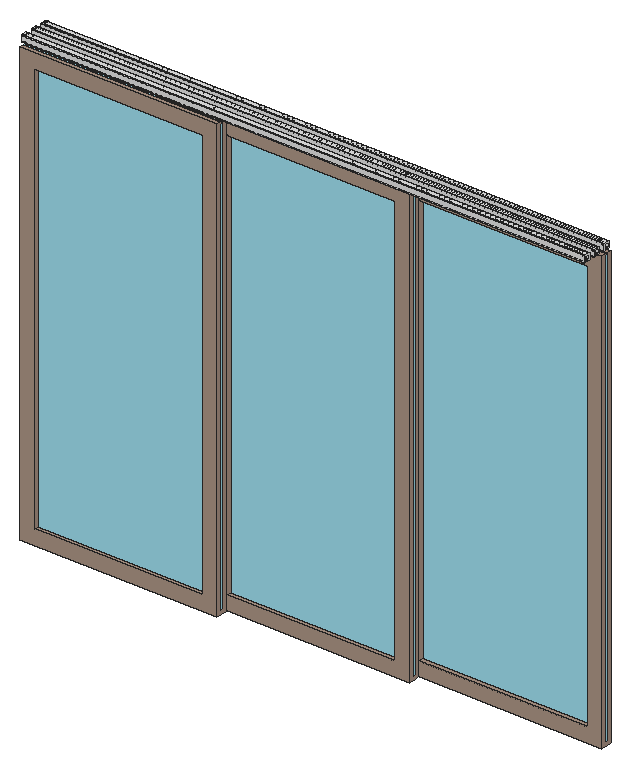
Revit family "Slido 3 Panel Slide SW3 XRDLP", category Doors, host Wall, Revit 2016
Family settings
  Host = Wall
  Always vertical = Yes
  Cut with Voids When Loaded = No
  Shared = No
  Room Calculation Point = No
Parameters (values of type "39"x 94 3/8"")
  URL = "www.raydoor.com"
  Type Image = SW3.JPG
  Thickness = 2 1/4"  # constant formula
  Rough Width = 1"  # constant formula
  Rough Height = 0"  # constant formula
  Model = "SW3"
  Function = Interior
  Door Material = Door - Panel
  Panel Material = Glass, Cast, Gray
  Height = 94 3/8"
  Trim Projection Ext = 63/64"  # constant formula
  Typ = 3"  # constant formula
  Wall Closure = By host
  Width = 117"
  Assembly Code = "SW3 XRDLP"
Reference planes (in)
  plane 1: y = 0
  plane 2: z = 0
  plane 3: x = 0
  plane 4: x = -58.5
  plane 5: x = 58.5
  plane 6: z = 94.375
  plane 7: x = 19
  plane 8: x = 57
  plane 9: z = 92.375
  plane 10: x = -19
  plane 11: x = -20.5
  plane 12: x = -19
  plane 13: x = -17.5
  plane 14: x = -57
  plane 15: x = -55.5
  plane 16: x = 17.5
  plane 17: x = 19
  plane 18: x = 20.5
  plane 19: x = 55.5
  plane 20: x = 57
Forms (in)
  Extrusion 1, solid, material "Door - Panel" <- "Door Material"
    sketch origin (-95, -4, 0.25) x (1, 0, 0) y (0, 0, 1)
      loop
        line (74.5, 92.125) -> (74.5, 0.375) -> (115.5, 0.375) -> (115.5, 92.125) -> (74.5, 92.125)
      loop
        line (77.5, 89.125) -> (77.5, 3.375) -> (112.5, 3.375) -> (112.5, 89.125) -> (77.5, 89.125)
    from -5.125 to -2.875
  Extrusion 2, solid, material "Glass, Cast, Gray" <- "Panel Material"
    sketch origin (-58, -13.51431, 0.25) x (1, 0, 0) y (0, 0, 1)
      loop
        line (37.5, 92.125) -> (37.5, 1.25) -> (78.5, 1.25) -> (78.5, 92.125) -> (37.5, 92.125)
    from -13.62452 to -13.37616
  Extrusion 3, solid, material "Door - Panel" <- "Door Material"
    sketch origin (-133.5, -5.62336, 0.25) x (1, 0, 0) y (0, 0, 1)
      loop
        line (75, 92.125) -> (75, 0.375) -> (116, 0.375) -> (116, 92.125) -> (75, 92.125)
      loop
        line (78, 89.125) -> (78, 3.375) -> (113, 3.375) -> (113, 89.125) -> (78, 89.125)
    from -4.23602 to -1.98602
  Extrusion 4, solid, material "Glass, Cast, Gray" <- "Panel Material"
    sketch origin (-97, -16.00826, 0.25) x (1, 0, 0) y (0, 0, 1)
      loop
        line (38.5, 92.125) -> (38.5, 1.25) -> (79.5, 1.25) -> (79.5, 92.125) -> (38.5, 92.125)
    from -13.61928 to -13.37092
  Extrusion 5, solid, material "Door - Panel" <- "Door Material"
    sketch origin (-57, -1.59375, 0.25) x (1, 0, 0) y (0, 0, 1)
      loop
        line (74.5, 92.125) -> (74.5, 0.375) -> (115.5, 0.375) -> (115.5, 92.125) -> (74.5, 92.125)
      loop
        line (77.5, 89.125) -> (77.5, 3.375) -> (112.5, 3.375) -> (112.5, 89.125) -> (77.5, 89.125)
    from -5.23602 to -2.98602
  Extrusion 6, solid, material "Glass, Cast, Gray" <- "Panel Material"
    sketch origin (-20, -11.04925, 0.25) x (1, 0, 0) y (0, 0, 1)
      loop
        line (37.5, 92.125) -> (37.5, 1.25) -> (78.5, 1.25) -> (78.5, 92.125) -> (37.5, 92.125)
    from -13.69152 to -13.44316
  Extrusion 7, solid, material "UHMW, White"
    sketch origin (-41.44048, 0.40931, 94.375) x (0, -1, 0) y (1, 0, 0)
      loop
        circle (0.40931, 60.44048) r 0.125
    from -2 to 0
  Extrusion 8, solid, material "UHMW, White"
    sketch origin (-79.44047, 3.13354, 94.375) x (0, -1, 0) y (1, 0, 0)
      loop
        circle (0.59681, 136.44047) r 0.125
    from -2 to 0
  Extrusion 9, solid, material "UHMW, White"
    sketch origin (-41.44048, -2.33987, 94.375) x (0, -1, 0) y (1, 0, 0)
      loop
        circle (0.15931, 22.44048) r 0.125
    from -2 to 0
  Extrusion 10, void
    sketch origin (-97, -16.00826, -91) x (1, 0, 0) y (0, 0, 1)
      loop
        line (38.5, 92.5) -> (38.5, 91.625) -> (79.5, 91.625) -> (79.5, 92.5) -> (38.5, 92.5)
    from -13.61928 to -13.37092
  Extrusion 11, void
    sketch origin (-97, -13.48248, -91) x (1, 0, 0) y (0, 0, 1)
      loop
        line (76.5, 92.5) -> (76.5, 91.625) -> (117.5, 91.625) -> (117.5, 92.5) -> (76.5, 92.5)
    from -13.59269 to -13.34433
  Extrusion 12, void
    sketch origin (-97, -11.10201, -91) x (1, 0, 0) y (0, 0, 1)
      loop
        line (114.5, 92.5) -> (114.5, 91.625) -> (155.5, 91.625) -> (155.5, 92.5) -> (114.5, 92.5)
    from -13.74428 to -13.49592
Cuts and joins
  Extrusion 10 cuts Extrusion 3
  Extrusion 11 cuts Extrusion 1
  Extrusion 12 cuts Extrusion 5
Lines and regions (in)
  Opening 1
    outline origin (-60, -4, 144) x (0, 0, -1) y (1, 0, 0)
      loop
        line (49.625, 1.5) -> (144, 1.5) -> (144, 118.5) -> (49.625, 118.5) -> (49.625, 1.5)
  Masking region 1
    outline origin (0, 0, 0) x (1, 0, 0) y (0, 1, 0)
      loop
        line (58.5, -1.125) -> (58.5, 1.125) -> (17.5, 1.125) -> (17.5, -1.125) -> (58.5, -1.125)
  Masking region 2
    outline origin (0, -2.5, 0) x (1, 0, 0) y (0, 1, 0)
      loop
        line (58.5, -1.13734) -> (58.5, 1.11266) -> (17.5, 1.11266) -> (17.5, -1.13734) -> (58.5, -1.13734)
  Masking region 3
    outline origin (0, 2.70109, 0) x (1, 0, 0) y (0, 1, 0)
      loop
        line (58.5, -1.30882) -> (58.5, 0.94118) -> (17.5, 0.94118) -> (17.5, -1.30882) -> (58.5, -1.30882)
  symbolic lines, style "Plan Swing"
    curve 1: line (9, -12.67864, 0) -> (-8, -12.67864, 0)
    curve 2: line (-8, -12.67864, 0) -> (-5.87868, -10.55732, 0)
    curve 3: line (9, -14.19763, 0) -> (-8, -14.19763, 0)
    curve 4: line (6.87868, -16.31895, 0) -> (9, -14.19763, 0)
    curve 6: line (39, -12.67864, 0) -> (22.00001, -12.67864, 0)
    curve 7: line (22.00001, -12.67864, 0) -> (24.12133, -10.55732, 0)
    curve 8: line (39, -14.19763, 0) -> (22.00001, -14.19763, 0)
    curve 9: line (36.87868, -16.31895, 0) -> (39, -14.19763, 0)
    curve 10: line (-21, -12.67864, 0) -> (-38, -12.67864, 0)
    curve 11: line (-38, -12.67864, 0) -> (-35.87868, -10.55732, 0)
    curve 12: line (-21, -14.19763, 0) -> (-38, -14.19763, 0)
    curve 13: line (-23.12132, -16.31895, 0) -> (-21, -14.19763, 0)
  model lines
    curve 5: line (-58.5, 4, 0) -> (58.5, 4, 0)
  symbolic lines, style "Elevation Swing"
    curve 14: line (25.59743, 0, 38.12969) -> (50.59743, 0, 38.12969)
    curve 15: line (50.59743, 0, 32.93892) -> (25.59743, 0, 32.93892)
    curve 16: line (25.59743, 0, 38.12969) -> (29.12509, 0, 41.66522)
    curve 17: line (47.05402, 0, 29.40338) -> (50.59743, 0, 32.93892)
    curve 18: line (-12.50001, 0, 38.12969) -> (12.5, 0, 38.12969)
    curve 19: line (12.5, 0, 32.93892) -> (-12.50001, 0, 32.93892)
    curve 20: line (-12.50001, 0, 38.12969) -> (-8.97235, 0, 41.66522)
    curve 21: line (8.95659, 0, 29.40338) -> (12.5, 0, 32.93892)
    curve 22: line (-25.59743, 0, 38.12969) -> (-50.59742, 0, 38.12969)
    curve 23: line (-50.59742, 0, 32.93892) -> (-25.59743, 0, 32.93892)
    curve 24: line (-50.59742, 0, 38.12969) -> (-47.06976, 0, 41.66522)
    curve 25: line (-29.14083, 0, 29.40338) -> (-25.59743, 0, 32.93892)
  symbolic lines, style "DoorsHiddenLines"
    curve 26: line (58.5, 1.39227, 0) -> (-58.5, 1.39227, 0)
    curve 27: line (58.5, 3.64227, 0) -> (-58.5, 3.64227, 0)
    curve 28: line (58.5, 1.125, 0) -> (-58.5, 1.125, 0)
    curve 29: line (58.5, -1.125, 0) -> (-58.5, -1.125, 0)
    curve 30: line (58.5, -3.63734, 0) -> (-58.5, -3.63734, 0)
    curve 31: line (58.5, -1.38734, 0) -> (-58.5, -1.38734, 0)
Dimensions and locks (in)
  equal spacing: plane 4, plane 3, plane 5
  "Width": plane 4 to plane 5
  "Height": plane 6 to plane 2
  "Typ": Extrusion 1 sketch curve to Extrusion 1 sketch curve  (x2)
  locked: Extrusion 2 to Extrusion 2 at 0.24836
  locked: Extrusion 2 to Extrusion 1 at 0.98684
  locked: Extrusion 1 to Extrusion 2 at 1.0148
  Masking region 1 sketch curve to plane 5 = 41"
  "Typ": Extrusion 3 sketch curve to Extrusion 3 sketch curve  (x2)
  locked: Extrusion 4 to Extrusion 4 at 0.24836
  "Thickness": Extrusion 3 to Extrusion 3
  locked: Extrusion 3 to Extrusion 4 at 1.00164
  locked: Extrusion 4 to Extrusion 3 at 1
  "Thickness": Extrusion 1 to Extrusion 1
  "Typ": Extrusion 5 sketch curve to Extrusion 5 sketch curve  (x2)
  locked: Extrusion 6 to Extrusion 6 at 0.24836
  locked: Extrusion 6 to Extrusion 5 at 1.00164
  locked: Extrusion 5 to Extrusion 6 at 1
  "Thickness": Extrusion 5 to Extrusion 5
  locked: plane 7 to Extrusion 7 sketch curve at 0.125
  locked: plane 7 to Extrusion 1 at 1.5
  locked: Extrusion 5 to plane 8 at 1.5
  locked: plane 10 to Extrusion 9 sketch curve at 0.125
  locked: Extrusion 3 to Extrusion 4 sketch curve at 0.875
  locked: curve 5 to Extrusion 3 sketch curve at 0.625
  locked: cut or joined group of Extrusion 3, Extrusion 10 to Extrusion 2 sketch curve at 0.875
  locked: Extrusion 5 to Extrusion 6 sketch curve at 0.875
  locked: cut or joined group of Extrusion 5, Extrusion 12 to cut or joined group of Extrusion 1, Extrusion 11 at 0.26727
  "Typ": plane 11 to plane 13
  equal spacing: plane 11, plane 12, plane 13, locked at 1.5 each
  "Typ": plane 4 to plane 15
  equal spacing: plane 4, plane 14, plane 15, locked at 1.5 each
  equal spacing: plane 14, plane 12, plane 17, plane 20
  "Typ": plane 16 to plane 18
  equal spacing: plane 16, plane 17, plane 18, locked at 1.5 each
  "Typ": plane 19 to plane 5
  equal spacing: plane 19, plane 20, plane 5, locked at 1.5 each
  equal spacing: cut or joined group of Extrusion 1, Extrusion 11, host wall, cut or joined group of Extrusion 1, Extrusion 11, locked at 1.125 each
  locked: cut or joined group of Extrusion 1, Extrusion 11 to cut or joined group of Extrusion 3, Extrusion 10 at 0.26234
  locked: Extrusion 9 sketch curve to host wall at 2.62418
  locked: host wall to cut or joined group of Extrusion 3, Extrusion 10 at 1.38734
  locked: host wall to Extrusion 8 sketch curve at 2.41172
  "Thickness": Masking region 2 sketch curve to Masking region 2 sketch curve
  locked: curve 29 to Masking region 2 sketch curve at 0.26234
  cut or joined group of Extrusion 3, Extrusion 10 to level = 5/8"
  locked: plane 9 to plane 6 at 2
  cut or joined group of Extrusion 5, Extrusion 12 to cut or joined group of Extrusion 3, Extrusion 10 = 7.27961"
  nested 1 to nested 1 = 1.233"
  nested 2 to nested 2 = 1.233"
  nested 3 to nested 3 = 1.233"
  nested 3 to plane 6 = 1 5/16"
  radius of Extrusion 8 sketch curve = 1/8"
  radius of Extrusion 9 sketch curve = 1/8"
  aligned and locked: Extrusion 1 to Extrusion 2  (x2)
  aligned and locked: Opening 1 sketch curve to plane 5
  aligned and locked: Opening 1 sketch curve to plane 4
  aligned and locked: Extrusion 3 to Extrusion 4  (x2)
  aligned and locked: Extrusion 4 to Extrusion 3
  aligned and locked: plane 4 to Extrusion 3
  aligned and locked: Extrusion 5 to Extrusion 6  (x2)
  aligned and locked: Extrusion 6 to Extrusion 5
  aligned and locked: Extrusion 7 to Extrusion 1
  aligned and locked: Extrusion 8 to Extrusion 5
  aligned and locked: Extrusion 10 to Extrusion 4  (x2)
  aligned and locked: Extrusion 4 to Extrusion 10
  aligned and locked: host wall to Extrusion 10
  aligned and locked: Extrusion 10 to Extrusion 1
  aligned and locked: Extrusion 1 to Extrusion 10
  aligned and locked: Extrusion 11 to Extrusion 1  (x2)
  aligned and locked: Extrusion 5 to Extrusion 12  (x2)
  aligned and locked: Extrusion 11 to Extrusion 2  (x2)
  aligned and locked: Extrusion 2 to Extrusion 11
  aligned and locked: Extrusion 12 to Extrusion 6  (x2)
  aligned and locked: host wall to Extrusion 12
  aligned and locked: Extrusion 6 to Extrusion 12
  aligned and locked: plane 15 to cut or joined group of Extrusion 3, Extrusion 10
  aligned and locked: cut or joined group of Extrusion 3, Extrusion 10 to plane 11
  aligned and locked: plane 13 to cut or joined group of Extrusion 3, Extrusion 10
  aligned and locked: plane 13 to cut or joined group of Extrusion 1, Extrusion 11
  aligned and locked: Extrusion 2 to plane 11
  aligned and locked: cut or joined group of Extrusion 1, Extrusion 11 to plane 11
  aligned and locked: cut or joined group of Extrusion 1, Extrusion 11 to plane 16
  aligned and locked: plane 18 to cut or joined group of Extrusion 1, Extrusion 11
  aligned and locked: Masking region 2 to plane 5
  aligned and locked: Masking region 2 to plane 16
  aligned and locked: Masking region 1 to plane 16
  aligned and locked: Masking region 1 to plane 5
  aligned and locked: cut or joined group of Extrusion 5, Extrusion 12 to plane 16
  aligned and locked: plane 18 to cut or joined group of Extrusion 5, Extrusion 12
  aligned and locked: cut or joined group of Extrusion 5, Extrusion 12 to plane 19
  aligned and locked: cut or joined group of Extrusion 5, Extrusion 12 to plane 5
  aligned and locked: Masking region 3 to plane 5
  aligned and locked: Masking region 3 to plane 16
  aligned and locked: Masking region 1 to curve 29
  aligned and locked: Masking region 1 to curve 28
  aligned and locked: Masking region 3 sketch curve to curve 27
  aligned and locked: curve 27 to cut or joined group of Extrusion 5, Extrusion 12
  aligned and locked: curve 30 to cut or joined group of Extrusion 3, Extrusion 10
  aligned and locked: plane 10 to plane 12
  aligned and locked: plane 7 to plane 17
  aligned and locked: plane 8 to plane 20
  aligned and locked: level to plane 2
  aligned and locked: plane 6 to Opening 1 sketch curve
  aligned and locked: nested 1 to plane 6
  aligned and locked: nested 1 to plane 5
  aligned and locked: plane 4 to nested 1
  aligned and locked: nested 2 to plane 6
  aligned and locked: plane 4 to nested 3
  aligned and locked: plane 4 to nested 2
  aligned and locked: nested 3 to plane 5
  aligned and locked: nested 2 to plane 5
  aligned and locked: nested 3 to plane 6
  aligned and locked: plane 9 to cut or joined group of Extrusion 5, Extrusion 12
  aligned and locked: plane 9 to cut or joined group of Extrusion 1, Extrusion 11
  aligned and locked: plane 9 to cut or joined group of Extrusion 3, Extrusion 10
  aligned and locked: Extrusion 9 to plane 9
  aligned and locked: Extrusion 9 to plane 6
  aligned and locked: Extrusion 7 to plane 6
  aligned and locked: Extrusion 8 to plane 6
  aligned and locked: Extrusion 1 to Extrusion 11
Automatic sketch dimensions
  plane 18 to curve 16 = 5.09743"
  level to curve 16 = 38.12969"
  plane 15 to curve 22 = 4.90258"
  level to curve 22 = 38.12969"
  plane 13 to curve 18 = 5"
  curve 18 to curve 22 = 0"
  curve 18 to curve 19 = 5.19077"
  curve 14 to curve 15 = 5.19077"
  curve 22 to curve 23 = 5.19077"
  curve 23 to plane 11 = 5.09743"
  curve 21 to plane 16 = 5"
  curve 15 to plane 19 = 4.90257"
  plane 15 to curve 24 = 8.43024"
  curve 24 to curve 22 = 3.53553"
  plane 13 to curve 20 = 8.52765"
  curve 20 to curve 18 = 3.53553"
  plane 18 to curve 16 = 8.62509"
  curve 16 to curve 14 = 3.53553"
  curve 25 to plane 11 = 8.64083"
  curve 23 to curve 25 = 3.53553"
  curve 21 to plane 16 = 8.54341"
  curve 19 to curve 21 = 3.53553"
  curve 17 to plane 19 = 8.44598"
  curve 15 to curve 17 = 3.53553"
  plane 15 to curve 23 = 4.90258"
  curve 22 to plane 11 = 5.09743"
  plane 13 to curve 19 = 5"
  curve 18 to plane 16 = 5"
  plane 18 to curve 15 = 5.09743"
  curve 14 to plane 19 = 4.90257"
  Opening 1 sketch curve to level = 0"
  curve 30 to plane 4 = 0"
  curve 29 to plane 4 = 0"
  curve 28 to plane 4 = 0"
  curve 27 to plane 4 = 0"
  curve 26 to plane 4 = 0"
  curve 31 to plane 4 = 0"
  curve 27 to plane 5 = 0"
  curve 30 to plane 5 = 0"
  curve 26 to plane 5 = 0"
  curve 31 to plane 5 = 0"
  curve 29 to plane 5 = 0"
  curve 28 to plane 5 = 0"
  host wall to curve 11 = 8.67864"
  curve 11 to plane 11 = 17 1/2"
  curve 12 to plane 11 = 1/2"
  curve 2 to plane 3 = 8"
  curve 4 to plane 16 = 8 1/2"
  plane 18 to curve 7 = 1 1/2"
  curve 9 to plane 19 = 16 1/2"
  host wall to curve 1 = 8.67864"
  curve 12 to curve 10 = 1.51898"
  host wall to curve 8 = 10.19763"
  curve 4 to curve 1 = 1.51898"
  curve 8 to curve 7 = 1.51898"
  curve 12 to curve 10 = 0"
  host wall to curve 11 = 6.55732"
  curve 10 to curve 11 = 2.12132"
  curve 13 to plane 11 = 2.62132"
  curve 10 to plane 11 = 1/2"
  curve 3 to curve 1 = 0"
  curve 1 to curve 2 = 2.12132"  (x2)
  curve 4 to curve 3 = 2.12132"  (x2)
  curve 1 to curve 3 = 0"
  plane 18 to curve 8 = 1 1/2"
  curve 6 to curve 7 = 2.12132"  (x2)
  curve 9 to curve 8 = 2.12132"  (x2)
  curve 6 to curve 8 = 0"
  curve 13 to curve 12 = 2.12132"
  curve 31 to curve 29 = 0.26234"
  curve 28 to curve 26 = 0.26727"
  Extrusion 2 sketch curve to plane 11 = 0"
  Extrusion 2 sketch curve to plane 18 = 0"
  plane 9 to Extrusion 2 sketch curve = 0"
  curve 5 to level = 0"
  plane 5 to curve 5 = 0"
  plane 4 to curve 5 = 0"
  Masking region 1 sketch curve to plane 5 = 0"
  host wall to Masking region 1 sketch curve = 1 1/8"
  Masking region 1 sketch curve to host wall = 1 1/8"
  plane 4 to Extrusion 4 sketch curve = 0"
  Extrusion 4 sketch curve to plane 13 = 0"
  plane 9 to Extrusion 4 sketch curve = 0"
  Masking region 2 sketch curve to plane 16 = 0"
  Masking region 2 sketch curve to plane 5 = 0"
  Masking region 3 sketch curve to plane 16 = 0"
  Masking region 3 sketch curve to plane 5 = 0"
  Masking region 3 sketch curve to host wall = 1.39227"
  Extrusion 6 sketch curve to plane 16 = 0"
  plane 5 to Extrusion 6 sketch curve = 0"
  plane 9 to Extrusion 6 sketch curve = 0"
  host wall to Extrusion 7 sketch curve = 0"
  Extrusion 7 sketch curve to plane 7 = 0"
  Extrusion 8 sketch curve to plane 8 = 0"
  plane 4 to Extrusion 10 sketch curve = 0"
  Extrusion 10 sketch curve to plane 13 = 0"
  level to Extrusion 10 sketch curve = 5/8"
  Extrusion 10 sketch curve to Extrusion 10 sketch curve = 7/8"
  Extrusion 11 sketch curve to plane 18 = 0"
  Extrusion 11 sketch curve to plane 11 = 0"
  level to Extrusion 11 sketch curve = 5/8"
  Extrusion 11 sketch curve to Extrusion 11 sketch curve = 7/8"
  Extrusion 12 sketch curve to plane 16 = 0"
  plane 5 to Extrusion 12 sketch curve = 0"
  level to Extrusion 12 sketch curve = 5/8"
  Extrusion 12 sketch curve to Extrusion 12 sketch curve = 7/8"
  plane 9 to Extrusion 1 sketch curve = 0"
  Extrusion 1 sketch curve to plane 11 = 0"
  Extrusion 1 sketch curve to plane 13 = 0"
  Extrusion 1 sketch curve to plane 16 = 0"
  Extrusion 1 sketch curve to plane 18 = 0"
  level to Extrusion 1 sketch curve = 3 5/8"
  plane 4 to Extrusion 3 sketch curve = 0"
  Extrusion 3 sketch curve to plane 15 = 0"
  Extrusion 3 sketch curve to plane 11 = 0"
  Extrusion 3 sketch curve to plane 13 = 0"
  plane 9 to Extrusion 3 sketch curve = 0"
  plane 9 to Extrusion 5 sketch curve = 0"
  Extrusion 5 sketch curve to plane 16 = 0"
  Extrusion 5 sketch curve to plane 18 = 0"
  Extrusion 5 sketch curve to plane 19 = 0"
  plane 5 to Extrusion 5 sketch curve = 0"
  level to Extrusion 5 sketch curve = 3 5/8"
Nested families (in)
  nested 1: "Tube" at (0, 0, 0), type "Tube"
    with length 117"
  nested 2: "Tube" at (0, -2.53672, 0), type "Tube"
    with length 117"
  nested 3: "Tube" at (0, -5.0359, 0), type "Tube"
    with length 117"
Definition of nested family "Tube"
  Parameters (values of type "Tube")
    length [instance] = 117"
  Reference planes (in)
    plane 1 "Center F/B": y = 0
    plane 2: z = 0
    plane 3 "Center L/R": x = 0
    plane 4: x = 58.5
    plane 5: x = -58.5
  Forms (in)
    Extrusion 1, solid
      sketch origin (0, 43.95775, -8.8393) x (0, 1, 0) y (0, 0, 1)
        loop
          line (-40.90927, 103.2143) -> (-41.93277, 103.2143) -> (-41.93277, 103.13288)
          arc (-41.93277, 103.13288) -> (-41.93277, 103.05759) -> (-41.99798, 103.09523) r 0.04347
          line (-41.99798, 103.09523) -> (-42.03755, 103.09523) -> (-42.03755, 101.94046)
          arc (-42.03755, 101.94046) -> (-42.02627, 101.91323) -> (-41.99904, 101.90195) r 0.03851
          arc (-41.99904, 101.90195) -> (-41.95713, 101.92282) -> (-41.91529, 101.9018) r 0.05233
          line (-41.91529, 101.9018) -> (-41.7174, 101.9018) -> (-41.7174, 101.98173) -> (-41.93475, 102.00074) -> (-41.96636, 102.11873) -> (-41.96636, 102.97916) -> (-41.832, 102.99091) -> (-41.832, 103.12055) -> (-41.65813, 103.12055) -> (-41.65813, 103.02372) -> (-41.59885, 103.02372) -> (-41.59885, 103.12055) -> (-41.24319, 103.12055) -> (-41.24319, 103.02372) -> (-41.18392, 103.02372) -> (-41.18392, 103.12055) -> (-41.01004, 103.12055) -> (-41.01004, 102.99091) -> (-40.87568, 102.97916) -> (-40.87568, 102.11873) -> (-40.90729, 102.00074) -> (-41.12464, 101.98173) -> (-41.12464, 101.90173) -> (-40.92672, 101.90173)
          arc (-40.92672, 101.90173) -> (-40.88484, 101.92271) -> (-40.84295, 101.90173) r 0.0523
          arc (-40.84295, 101.90173) -> (-40.8158, 101.91298) -> (-40.80455, 101.94014) r 0.0384
          line (-40.80455, 101.94014) -> (-40.80455, 103.09523) -> (-40.84407, 103.09523)
          arc (-40.84407, 103.09523) -> (-40.90927, 103.05759) -> (-40.90927, 103.13288) r 0.04347
          line (-40.90927, 103.13288) -> (-40.90927, 103.2143)
      from -58.5 to 58.5
  Dimensions and locks (in)
    "length": plane 5 to plane 4
    aligned and locked: level to plane 2
    aligned and locked: plane 4 to Extrusion 1
    aligned and locked: plane 5 to Extrusion 1
  Automatic sketch dimensions
    Extrusion 1 sketch curve to plane 1 "Center F/B" = 1.9202"
    Extrusion 1 sketch curve to Extrusion 1 sketch curve = 0.03851"
    Extrusion 1 sketch curve to Extrusion 1 sketch curve = 0.03957"
    Extrusion 1 sketch curve to Extrusion 1 sketch curve = 0.03268"
    Extrusion 1 sketch curve to Extrusion 1 sketch curve = 0.04182"
    Extrusion 1 sketch curve to Extrusion 1 sketch curve = 0.04347"  (x2)
    Extrusion 1 sketch curve to Extrusion 1 sketch curve = 0.06429"
    Extrusion 1 sketch curve to Extrusion 1 sketch curve = 0.02173"  (x2)
    Extrusion 1 sketch curve to Extrusion 1 sketch curve = 0.04193"
    Extrusion 1 sketch curve to Extrusion 1 sketch curve = 0.13436"
    Extrusion 1 sketch curve to Extrusion 1 sketch curve = 0.19789"
    Extrusion 1 sketch curve to Extrusion 1 sketch curve = 0.17388"  (x2)
    Extrusion 1 sketch curve to Extrusion 1 sketch curve = 0.05928"  (x2)
    Extrusion 1 sketch curve to Extrusion 1 sketch curve = 0.35566"
    Extrusion 1 sketch curve to Extrusion 1 sketch curve = 0.59276"
    Extrusion 1 sketch curve to Extrusion 1 sketch curve = 0.19792"
    Extrusion 1 sketch curve to Extrusion 1 sketch curve = 0.10077"
    Extrusion 1 sketch curve to Extrusion 1 sketch curve = 0.01943"
    Extrusion 1 sketch curve to Extrusion 1 sketch curve = 0.04189"  (x2)
    Extrusion 1 sketch curve to Extrusion 1 sketch curve = 0.01186"
    Extrusion 1 sketch curve to Extrusion 1 sketch curve = 0.0384"
    level to Extrusion 1 sketch curve = 93.0311"
    Extrusion 1 sketch curve to Extrusion 1 sketch curve = 0.00009"
    Extrusion 1 sketch curve to Extrusion 1 sketch curve = 0.03133"
    Extrusion 1 sketch curve to Extrusion 1 sketch curve = 0.03131"
    Extrusion 1 sketch curve to Extrusion 1 sketch curve = 0.08"
    Extrusion 1 sketch curve to Extrusion 1 sketch curve = 0.07992"
    Extrusion 1 sketch curve to Extrusion 1 sketch curve = 0.06061"
    Extrusion 1 sketch curve to Extrusion 1 sketch curve = 0.06029"
    Extrusion 1 sketch curve to Extrusion 1 sketch curve = 0.11799"  (x2)
    Extrusion 1 sketch curve to Extrusion 1 sketch curve = 0.86043"  (x2)
    Extrusion 1 sketch curve to Extrusion 1 sketch curve = 0.01175"  (x2)
    Extrusion 1 sketch curve to Extrusion 1 sketch curve = 0.03281"  (x2)
    Extrusion 1 sketch curve to Extrusion 1 sketch curve = 0.11608"  (x2)
    Extrusion 1 sketch curve to Extrusion 1 sketch curve = 0.01232"  (x2)
    Extrusion 1 sketch curve to Extrusion 1 sketch curve = 0"
    Extrusion 1 sketch curve to Extrusion 1 sketch curve = 0.08143"
